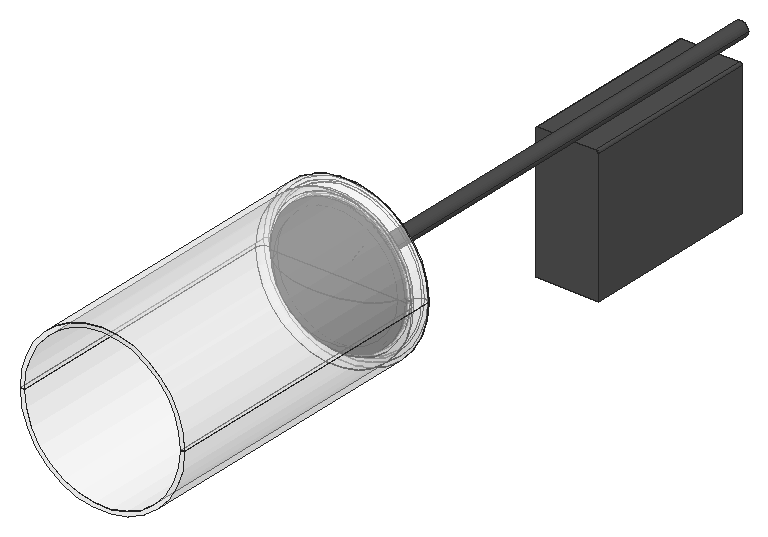
Revit family "Indoor_Wall Lamp_Santa&Cole_Cirio", category Luminarias, Revit 2018
Family settings
  Cota de conector redondo = Diámetro de uso
  Tipo de pieza = Normal
  Número OmniClass = 23.80.70.00
  Título OmniClass = Lighting
  Se basa en plano de trabajo = Sí
  Siempre vertical = No
  Corte con vacíos al cargar = No
  Origen de luz = Sí
  Compartido = No
  Punto de cálculo de habitación = No
Parameters (values of type "Cirio - CE")
  Ángulo de inclinación = 90.00°
  Voltaje (90-305 V) = 220 V
  Wattage = 3.2718 W
  URL = "https://www.santacole.com/en/wall-lamps/?cirio-aplique"
  UL = no
  Technical Information = "https://www.santacole.com/recursos/productos/downloads/pdf_espec_tecnicas/SC_Cirio_wall_data_sheet.pdf"
  built-in parameter 1150110 = 1 (stored number, unit not read)
  Modelo = if(CE, "Cirio CE", "Cirio UL")  # "Cirio CE"
  Manufacturer website = "https://www.santacole.com"
  Lampshade Type [instance] = Cirio Lampshade : Porcelain Lampshade
  built-in parameter 1114217 = 1 (stored number, unit not read)
  built-in parameter 1150109 = 1 (stored number, unit not read)
  Fabricante = "Santa & Cole"
  Energy Label = "https://www.santacole.com/recursos/productos/downloads/pdf_energy_label/Energy%20Label_Cirio.pdf"
  Default Elevation = 1219.2 mm
  Designed by = "Antoni Arola, 2021"
  Contact phone = "+34.938.619.100"
  Contact e-mail = "info@santacole.com"
  built-in parameter 1150134 = (empty or 0)
  built-in parameter 1150113 = 1 (stored number, unit not read)
  Lumens = 486 lm
  built-in parameter 1150115 = 1 (stored number, unit not read)
  built-in parameter 1150105 = 205.45 (stored number, unit not read)
  built-in parameter 1150137 = (empty or 0)
  built-in parameter 1150139 = (empty or 0)
  built-in parameter 1150112 = 1 (stored number, unit not read)
  built-in parameter 1150114 = 1 (stored number, unit not read)
  built-in parameter 1150132 = 2
  built-in parameter 1150102 = (empty or 0)
  built-in parameter 1150138 = (empty or 0)
  built-in parameter 1150107 = 2700 (stored number, unit not read)
  built-in parameter 1150106 = 2.0545 (stored number, unit not read)
  built-in parameter 1150104 = 13.8 (stored number, unit not read)
  Code = "CRWA01 / CRWA01D / CRWA02 / CRWA02D / CRWA03 / CRWA03D /"
  Carga aparente = 4.5 VA
  Dimming Lamp Color Temperature Shift = (empty or 0)
  Color Filter = 16777215
  built-in parameter 1114218 = 1 (stored number, unit not read)
  CE = yes
  Assembly instructions - UL = "https://www.santacole.com/recursos/productos/downloads/pdf_montaje/Cirio%20Aplique_im_UL.pdf"
  Assembly instructions - CE = "https://www.santacole.com/recursos/productos/downloads/pdf_montaje/Cirio%20Aplique_im_CE.pdf"
  Archivo de red fotométrica = "CIRWA02.IES"
  built-in parameter 1150133 = 10 (stored number, unit not read)
Types (2, lengths in mm): name | UL | Modelo | built-in parameter 1150105 | built-in parameter 1150106 | CE
  Cirio - CE | no | "Cirio CE" | 205.45 (stored number, unit not read) | 2.0545 (stored number, unit not read) | yes
  Cirio - UL | yes | "Cirio UL" | 38.675 (stored number, unit not read) | 0.38675 (stored number, unit not read) | no
Reference planes
  plane 1 "Eje de origen de luz (F/P)": y = 0
  plane 2: z = 0
  plane 3 "Eje de origen de luz (I/D)": x = 0
  plane 4 "Elevación de origen de luz": z = 95.925
Forms (mm)
  Blend 1, solid, not visible
    base sketch origin (36.867, 153.179, 1765.164) x (-0.551937, 0.833886, 0) y (-0.833886, -0.551937, 0)
      loop
        line (-50.966, 0.411) -> (-50.966, -0.489) -> (-50.043, -0.489) -> (-50.043, 0.411) -> (-50.966, 0.411)
    top sketch origin (36.867, 153.179, 1765.164) x (-0.551937, 0.833886, 0) y (-0.833886, -0.551937, 0)
      loop
        line (-47.638, 0.875) -> (-47.638, 1.775) -> (-48.561, 1.775) -> (-48.561, 0.875) -> (-47.638, 0.875)
    from -112.076 to -105.022
  Blend 2, solid, not visible
    base sketch origin (-50.305, 123.446, 1917.584) x (0.96363, 0.267238, 0) y (-0.267238, 0.96363, 0)
      loop
        line (-50.966, 0.411) -> (-50.966, -0.489) -> (-50.043, -0.489) -> (-50.043, 0.411) -> (-50.966, 0.411)
    top sketch origin (-50.305, 123.446, 1917.584) x (0.96363, 0.267238, 0) y (-0.267238, 0.96363, 0)
      loop
        line (-47.638, 0.875) -> (-47.638, 1.775) -> (-48.561, 1.775) -> (-48.561, 0.875) -> (-47.638, 0.875)
    from -112.484 to -105.022
  Sweep 3, solid, not visible
    path origin (294.44, -207.288, 170.345) x (0, -1, 0) y (0, 0, 1)
      loop
        line (-293, 1511.9) -> (-278.776, 1511.9) -> (-221.503, 1484.838)
    profile origin (294.44, 78.6, 1682.245) x (0, 0, 1) y (-1, 0, 0)
      loop
        circle (-1, 330.796) r 1
  Extrusion 4, solid, material "Santa&Cole - Black Matte Finish", visible <- "UL"
    sketch origin (0, 0, 0) x (0, 0, 1) y (0, 1, 0)
      loop
        line (2, -54) -> (2, 54) -> (0, 54) -> (0, -54) -> (2, -54)
    from -46 to 46
  Extrusion 5, solid, material "Santa&Cole - Black Matte Finish", visible <- "UL"
    sketch origin (0, 0, 0) x (0, 0, 1) y (0, 1, 0)
      loop
        line (2, -60) -> (4, -60) -> (4, 60) -> (2, 60) -> (2, -60)
    from -50 to 50
  Extrusion 6, solid, material "Santa&Cole - Black Matte Finish", visible <- "UL"
    sketch origin (0, 0, -4) x (1, 0, 0) y (0, 0, 1)
      loop
        arc (-19.49, 94) -> (-20.558, 93.558) -> (-21, 92.49) r 1.51
        line (-21, 92.49) -> (-21, 4) -> (21, 4) -> (21, 92.49)
        arc (21, 92.49) -> (20.558, 93.558) -> (19.49, 94) r 1.51
        line (19.49, 94) -> (4.615, 94)
        arc (4.615, 94) -> (0, 90.925) -> (-4.615, 94) r 5
        line (-4.615, 94) -> (-19.49, 94)
    from -60 to 60
  Extrusion 7, solid, material "Santa&Cole - Black Matte Finish", visible <- "CE"
    sketch origin (0, 0, 4) x (1, 0, 0) y (0, 0, 1)
      loop
        arc (-19.49, 90) -> (-20.558, 89.558) -> (-21, 88.49) r 1.51
        line (-21, 88.49) -> (-21, 0) -> (21, 0) -> (21, 88.49)
        arc (21, 88.49) -> (20.558, 89.558) -> (19.49, 90) r 1.51
        line (19.49, 90) -> (4.615, 90)
        arc (4.615, 90) -> (0, 86.925) -> (-4.615, 90) r 5
        line (-4.615, 90) -> (-19.49, 90)
    from -59.95 to 59.95
  Extrusion 8, solid, material "Santa&Cole - Black Matte Finish", visible <- "CE"
    sketch origin (0, 0, 4) x (1, 0, 0) y (0, 0, -1)
      loop
        circle (0, -91.925) r 5
    from -236.149 to 85
  Extrusion 9, solid, material "Santa&Cole - Black Matte Finish", visible <- "UL"
    sketch origin (0, 0, -4) x (1, 0, 0) y (0, 0, -1)
      loop
        circle (0, -95.925) r 5
    from -236.149 to 85
Dimensions and locks
  aligned and locked: plane 3 "Eje de origen de luz (I/D)" to imposter light
  aligned and locked: level to plane 2
Nested families
  nested 1: "LED Capsule with electric black cable" at (0, -1056.138, 91.699) x (1, 0, 0) z (0, 1, 0), visible <- "UL", type "8m"
    with Code "HEL03"
  nested 2: "Cirio Lampshade" at (0, -447.149, 91.925) x (1, 0, 0) z (0, 1, 0), type <- "Lampshade Type", visible <- "UL", type "Porcelain Lampshade"
  nested 3: "LED Capsule with electric black cable" at (0, -1056.138, 95.925) x (1, 0, 0) z (0, 1, 0), visible <- "CE", type "8m"
    with Code "HEL03"
  nested 4: "Cirio Lampshade" at (0, -447.149, 95.925) x (1, 0, 0) z (0, 1, 0), type <- "Lampshade Type", visible <- "CE", type "Porcelain Lampshade"
Connectors
  electrical at (0, 0, 0)
    settings: on Extrusion 4, index 1, voltage 220 V, apparent load 0 VA, apparent load phase1 4.5 VA, apparent load phase2 0 VA, apparent load phase3 0 VA, power factor 1, load classification "Iluminación", number of poles 1, system type 31, power factor state 1, is connector primary yes, connector utility no, sub classification motor no, connector description ""
Definition of nested family "LED Capsule with electric black cable"
  Parameters (values of type "8m")
    Manufacturer = "Santa & Cole"
    Default Elevation = 1219.2 mm
    Code [instance] = "HEL08"
  Reference planes
    plane 1 "Center (Front/Back)": y = 0
    plane 2: z = 0
    plane 3 "Center (Left/Right)": x = 0
    plane 4: z = 800
    plane 5: z = 425.743
  Forms (mm)
    Revolve 1, solid
      sketch origin (0, 0, 1230.881) x (-1, 0, 0) y (0, 0, -1)
        loop
          line (-45.024, 425.743) -> (-44.955, 423.762) -> (-33.806, 423.762) -> (-31.537, 410.891) -> (0, 410.891) -> (0, 425.743) -> (-45.024, 425.743)
        axis (0, 425.743) -> (0, 410.891)
      angle from 0 to 360
    Blend 2, void
      base sketch origin (0, 0, 805.138) x (0, -1, 0) y (1, 0, 0)
        loop
          line (-14.793, 1.5) -> (-40.722, 6.896)
          arc (-40.722, 6.896) -> (-41.303, 0.371) -> (-40.722, -6.154) r 36.889
          line (-40.722, -6.154) -> (-14.817, -1.238)
          arc (-14.817, -1.238) -> (-14.868, 0.131) -> (-14.793, 1.5) r 14.869
      top sketch origin (0, 0, 805.138) x (0, -1, 0) y (1, 0, 0)
        loop
          line (-40.751, -6.719) -> (-14.219, -1.685)
          arc (-14.219, -1.685) -> (-14.318, 0.126) -> (-14.187, 1.936) r 14.319
          line (-14.187, 1.936) -> (-40.626, 7.438)
          arc (-40.626, 7.438) -> (-41.3, 0.365) -> (-40.751, -6.719) r 41.301
      from 20 to 2
    Blend 3, void
      base sketch origin (-0.104, -0.105, 805.138) x (-0.999998, -0.002123, 0) y (0.002123, -0.999998, 0)
        loop
          line (-14.793, 1.5) -> (-40.722, 6.896)
          arc (-40.722, 6.896) -> (-41.303, 0.371) -> (-40.722, -6.154) r 36.889
          line (-40.722, -6.154) -> (-14.817, -1.238)
          arc (-14.817, -1.238) -> (-14.868, 0.131) -> (-14.793, 1.5) r 14.869
      top sketch origin (-0.104, -0.105, 805.138) x (-0.999998, -0.002123, 0) y (0.002123, -0.999998, 0)
        loop
          line (-40.751, -6.719) -> (-14.219, -1.685)
          arc (-14.219, -1.685) -> (-14.318, 0.126) -> (-14.187, 1.936) r 14.319
          line (-14.187, 1.936) -> (-40.626, 7.438)
          arc (-40.626, 7.438) -> (-41.3, 0.365) -> (-40.751, -6.719) r 41.301
      from 20 to 2
    Blend 4, void
      base sketch origin (-0.008, -0.04, 805.138) x (-0.382193, -0.924082, 0) y (0.924082, -0.382193, 0)
        loop
          line (-14.793, 1.5) -> (-40.722, 6.896)
          arc (-40.722, 6.896) -> (-41.303, 0.371) -> (-40.722, -6.154) r 36.889
          line (-40.722, -6.154) -> (-14.817, -1.238)
          arc (-14.817, -1.238) -> (-14.868, 0.131) -> (-14.793, 1.5) r 14.869
      top sketch origin (-0.008, -0.04, 805.138) x (-0.382193, -0.924082, 0) y (0.924082, -0.382193, 0)
        loop
          line (-40.751, -6.719) -> (-14.219, -1.685)
          arc (-14.219, -1.685) -> (-14.318, 0.126) -> (-14.187, 1.936) r 14.319
          line (-14.187, 1.936) -> (-40.626, 7.438)
          arc (-40.626, 7.438) -> (-41.3, 0.365) -> (-40.751, -6.719) r 41.301
      from 20 to 2
    Blend 5, void
      base sketch origin (-0.031, -0.074, 805.138) x (-0.706356, -0.707857, 0) y (0.707857, -0.706356, 0)
        loop
          line (-14.793, 1.5) -> (-40.722, 6.896)
          arc (-40.722, 6.896) -> (-41.303, 0.371) -> (-40.722, -6.154) r 36.889
          line (-40.722, -6.154) -> (-14.817, -1.238)
          arc (-14.817, -1.238) -> (-14.868, 0.131) -> (-14.793, 1.5) r 14.869
      top sketch origin (-0.031, -0.074, 805.138) x (-0.706356, -0.707857, 0) y (0.707857, -0.706356, 0)
        loop
          line (-40.751, -6.719) -> (-14.219, -1.685)
          arc (-14.219, -1.685) -> (-14.318, 0.126) -> (-14.187, 1.936) r 14.319
          line (-14.187, 1.936) -> (-40.626, 7.438)
          arc (-40.626, 7.438) -> (-41.3, 0.365) -> (-40.751, -6.719) r 41.301
      from 20 to 2
    Blend 6, void
      base sketch origin (-0.064, -0.097, 805.138) x (-0.923269, -0.384154, 0) y (0.384154, -0.923269, 0)
        loop
          line (-14.793, 1.5) -> (-40.722, 6.896)
          arc (-40.722, 6.896) -> (-41.303, 0.371) -> (-40.722, -6.154) r 36.889
          line (-40.722, -6.154) -> (-14.817, -1.238)
          arc (-14.817, -1.238) -> (-14.868, 0.131) -> (-14.793, 1.5) r 14.869
      top sketch origin (-0.064, -0.097, 805.138) x (-0.923269, -0.384154, 0) y (0.384154, -0.923269, 0)
        loop
          line (-40.751, -6.719) -> (-14.219, -1.685)
          arc (-14.219, -1.685) -> (-14.318, 0.126) -> (-14.187, 1.936) r 14.319
          line (-14.187, 1.936) -> (-40.626, 7.438)
          arc (-40.626, 7.438) -> (-41.3, 0.365) -> (-40.751, -6.719) r 41.301
      from 20 to 2
    Blend 7, void
      base sketch origin (-0.144, -0.097, 805.138) x (-0.924892, 0.38023, 0) y (-0.38023, -0.924892, 0)
        loop
          line (-14.793, 1.5) -> (-40.722, 6.896)
          arc (-40.722, 6.896) -> (-41.303, 0.371) -> (-40.722, -6.154) r 36.889
          line (-40.722, -6.154) -> (-14.817, -1.238)
          arc (-14.817, -1.238) -> (-14.868, 0.131) -> (-14.793, 1.5) r 14.869
      top sketch origin (-0.144, -0.097, 805.138) x (-0.924892, 0.38023, 0) y (-0.38023, -0.924892, 0)
        loop
          line (-40.751, -6.719) -> (-14.219, -1.685)
          arc (-14.219, -1.685) -> (-14.318, 0.126) -> (-14.187, 1.936) r 14.319
          line (-14.187, 1.936) -> (-40.626, 7.438)
          arc (-40.626, 7.438) -> (-41.3, 0.365) -> (-40.751, -6.719) r 41.301
      from 20 to 2
    Blend 8, void
      base sketch origin (-0.178, -0.074, 805.138) x (-0.709355, 0.704852, 0) y (-0.704852, -0.709355, 0)
        loop
          line (-14.793, 1.5) -> (-40.722, 6.896)
          arc (-40.722, 6.896) -> (-41.303, 0.371) -> (-40.722, -6.154) r 36.889
          line (-40.722, -6.154) -> (-14.817, -1.238)
          arc (-14.817, -1.238) -> (-14.868, 0.131) -> (-14.793, 1.5) r 14.869
      top sketch origin (-0.178, -0.074, 805.138) x (-0.709355, 0.704852, 0) y (-0.704852, -0.709355, 0)
        loop
          line (-40.751, -6.719) -> (-14.219, -1.685)
          arc (-14.219, -1.685) -> (-14.318, 0.126) -> (-14.187, 1.936) r 14.319
          line (-14.187, 1.936) -> (-40.626, 7.438)
          arc (-40.626, 7.438) -> (-41.3, 0.365) -> (-40.751, -6.719) r 41.301
      from 20 to 1.98
    Blend 9, void
      base sketch origin (-0.201, -0.04, 805.138) x (-0.386113, 0.922451, 0) y (-0.922451, -0.386113, 0)
        loop
          line (-14.793, 1.5) -> (-40.722, 6.896)
          arc (-40.722, 6.896) -> (-41.303, 0.371) -> (-40.722, -6.154) r 36.889
          line (-40.722, -6.154) -> (-14.817, -1.238)
          arc (-14.817, -1.238) -> (-14.868, 0.131) -> (-14.793, 1.5) r 14.869
      top sketch origin (-0.201, -0.04, 805.138) x (-0.386113, 0.922451, 0) y (-0.922451, -0.386113, 0)
        loop
          line (-40.751, -6.719) -> (-14.219, -1.685)
          arc (-14.219, -1.685) -> (-14.318, 0.126) -> (-14.187, 1.936) r 14.319
          line (-14.187, 1.936) -> (-40.626, 7.438)
          arc (-40.626, 7.438) -> (-41.3, 0.365) -> (-40.751, -6.719) r 41.301
      from 20 to 2
    Blend 10, void
      base sketch origin (-0.209, 0, 805.138) x (-0.004246, 0.999991, 0) y (-0.999991, -0.004246, 0)
        loop
          line (-14.793, 1.5) -> (-40.722, 6.896)
          arc (-40.722, 6.896) -> (-41.303, 0.371) -> (-40.722, -6.154) r 36.889
          line (-40.722, -6.154) -> (-14.817, -1.238)
          arc (-14.817, -1.238) -> (-14.868, 0.131) -> (-14.793, 1.5) r 14.869
      top sketch origin (-0.209, 0, 805.138) x (-0.004246, 0.999991, 0) y (-0.999991, -0.004246, 0)
        loop
          line (-40.751, -6.719) -> (-14.219, -1.685)
          arc (-14.219, -1.685) -> (-14.318, 0.126) -> (-14.187, 1.936) r 14.319
          line (-14.187, 1.936) -> (-40.626, 7.438)
          arc (-40.626, 7.438) -> (-41.3, 0.365) -> (-40.751, -6.719) r 41.301
      from 20 to 2
    Blend 11, void
      base sketch origin (-0.201, 0.04, 805.138) x (0.378266, 0.925697, 0) y (-0.925697, 0.378266, 0)
        loop
          line (-14.793, 1.5) -> (-40.722, 6.896)
          arc (-40.722, 6.896) -> (-41.303, 0.371) -> (-40.722, -6.154) r 36.889
          line (-40.722, -6.154) -> (-14.817, -1.238)
          arc (-14.817, -1.238) -> (-14.868, 0.131) -> (-14.793, 1.5) r 14.869
      top sketch origin (-0.201, 0.04, 805.138) x (0.378266, 0.925697, 0) y (-0.925697, 0.378266, 0)
        loop
          line (-40.751, -6.719) -> (-14.219, -1.685)
          arc (-14.219, -1.685) -> (-14.318, 0.126) -> (-14.187, 1.936) r 14.319
          line (-14.187, 1.936) -> (-40.626, 7.438)
          arc (-40.626, 7.438) -> (-41.3, 0.365) -> (-40.751, -6.719) r 41.301
      from 20 to 2
    Blend 12, void
      base sketch origin (-0.179, 0.074, 805.138) x (0.703344, 0.71085, 0) y (-0.71085, 0.703344, 0)
        loop
          line (-14.793, 1.5) -> (-40.722, 6.896)
          arc (-40.722, 6.896) -> (-41.303, 0.371) -> (-40.722, -6.154) r 36.889
          line (-40.722, -6.154) -> (-14.817, -1.238)
          arc (-14.817, -1.238) -> (-14.868, 0.131) -> (-14.793, 1.5) r 14.869
      top sketch origin (-0.179, 0.074, 805.138) x (0.703344, 0.71085, 0) y (-0.71085, 0.703344, 0)
        loop
          line (-40.751, -6.719) -> (-14.219, -1.685)
          arc (-14.219, -1.685) -> (-14.318, 0.126) -> (-14.187, 1.936) r 14.319
          line (-14.187, 1.936) -> (-40.626, 7.438)
          arc (-40.626, 7.438) -> (-41.3, 0.365) -> (-40.751, -6.719) r 41.301
      from 20 to 2
    Blend 13, void
      base sketch origin (-0.145, 0.096, 805.138) x (0.92163, 0.38807, 0) y (-0.38807, 0.92163, 0)
        loop
          line (-14.793, 1.5) -> (-40.722, 6.896)
          arc (-40.722, 6.896) -> (-41.303, 0.371) -> (-40.722, -6.154) r 36.889
          line (-40.722, -6.154) -> (-14.817, -1.238)
          arc (-14.817, -1.238) -> (-14.868, 0.131) -> (-14.793, 1.5) r 14.869
      top sketch origin (-0.145, 0.096, 805.138) x (0.92163, 0.38807, 0) y (-0.38807, 0.92163, 0)
        loop
          line (-40.751, -6.719) -> (-14.219, -1.685)
          arc (-14.219, -1.685) -> (-14.318, 0.126) -> (-14.187, 1.936) r 14.319
          line (-14.187, 1.936) -> (-40.626, 7.438)
          arc (-40.626, 7.438) -> (-41.3, 0.365) -> (-40.751, -6.719) r 41.301
      from 20 to 2
    Blend 14, void
      base sketch origin (-0.105, 0.105, 805.138) x (0.99998, 0.006369, 0) y (-0.006369, 0.99998, 0)
        loop
          line (-14.793, 1.5) -> (-40.722, 6.896)
          arc (-40.722, 6.896) -> (-41.303, 0.371) -> (-40.722, -6.154) r 36.889
          line (-40.722, -6.154) -> (-14.817, -1.238)
          arc (-14.817, -1.238) -> (-14.868, 0.131) -> (-14.793, 1.5) r 14.869
      top sketch origin (-0.105, 0.105, 805.138) x (0.99998, 0.006369, 0) y (-0.006369, 0.99998, 0)
        loop
          line (-40.751, -6.719) -> (-14.219, -1.685)
          arc (-14.219, -1.685) -> (-14.318, 0.126) -> (-14.187, 1.936) r 14.319
          line (-14.187, 1.936) -> (-40.626, 7.438)
          arc (-40.626, 7.438) -> (-41.3, 0.365) -> (-40.751, -6.719) r 41.301
      from 20 to 1.98
    Blend 15, void
      base sketch origin (-0.065, 0.097, 805.138) x (0.926498, -0.3763, 0) y (0.3763, 0.926498, 0)
        loop
          line (-14.793, 1.5) -> (-40.722, 6.896)
          arc (-40.722, 6.896) -> (-41.303, 0.371) -> (-40.722, -6.154) r 36.889
          line (-40.722, -6.154) -> (-14.817, -1.238)
          arc (-14.817, -1.238) -> (-14.868, 0.131) -> (-14.793, 1.5) r 14.869
      top sketch origin (-0.065, 0.097, 805.138) x (0.926498, -0.3763, 0) y (0.3763, 0.926498, 0)
        loop
          line (-40.751, -6.719) -> (-14.219, -1.685)
          arc (-14.219, -1.685) -> (-14.318, 0.126) -> (-14.187, 1.936) r 14.319
          line (-14.187, 1.936) -> (-40.626, 7.438)
          arc (-40.626, 7.438) -> (-41.3, 0.365) -> (-40.751, -6.719) r 41.301
      from 20 to 2
    Blend 16, void
      base sketch origin (-0.031, 0.074, 805.138) x (0.712341, -0.701833, 0) y (0.701833, 0.712341, 0)
        loop
          line (-14.793, 1.5) -> (-40.722, 6.896)
          arc (-40.722, 6.896) -> (-41.303, 0.371) -> (-40.722, -6.154) r 36.889
          line (-40.722, -6.154) -> (-14.817, -1.238)
          arc (-14.817, -1.238) -> (-14.868, 0.131) -> (-14.793, 1.5) r 14.869
      top sketch origin (-0.031, 0.074, 805.138) x (0.712341, -0.701833, 0) y (0.701833, 0.712341, 0)
        loop
          line (-40.751, -6.719) -> (-14.219, -1.685)
          arc (-14.219, -1.685) -> (-14.318, 0.126) -> (-14.187, 1.936) r 14.319
          line (-14.187, 1.936) -> (-40.626, 7.438)
          arc (-40.626, 7.438) -> (-41.3, 0.365) -> (-40.751, -6.719) r 41.301
      from 20 to 2
    Blend 17, void
      base sketch origin (-0.008, 0.041, 805.138) x (0.390026, -0.920804, 0) y (0.920804, 0.390026, 0)
        loop
          line (-14.793, 1.5) -> (-40.722, 6.896)
          arc (-40.722, 6.896) -> (-41.303, 0.371) -> (-40.722, -6.154) r 36.889
          line (-40.722, -6.154) -> (-14.817, -1.238)
          arc (-14.817, -1.238) -> (-14.868, 0.131) -> (-14.793, 1.5) r 14.869
      top sketch origin (-0.008, 0.041, 805.138) x (0.390026, -0.920804, 0) y (0.920804, 0.390026, 0)
        loop
          line (-40.751, -6.719) -> (-14.219, -1.685)
          arc (-14.219, -1.685) -> (-14.318, 0.126) -> (-14.187, 1.936) r 14.319
          line (-14.187, 1.936) -> (-40.626, 7.438)
          arc (-40.626, 7.438) -> (-41.3, 0.365) -> (-40.751, -6.719) r 41.301
      from 20 to 2
    Revolve 18, solid
      sketch origin (0, 0, 1230.881) x (-1, 0, 0) y (0, 0, -1)
        loop
          spline (0, 445.743) -> (-5.221, 445.571) -> (-10.353, 445.061) -> (-15.307, 444.22) -> (-20, 443.063) -> (-24.35, 441.61) -> (-28.284, 439.885) -> (-31.734, 437.918) -> (-34.641, 435.743) -> (-36.955, 433.396) -> (-38.637, 430.919) -> (-39.658, 428.353) -> (-40, 425.743)
          line (-40, 425.743) -> (0, 425.743) -> (0, 445.743)
        axis (0, 445.743) -> (0, 425.743)
      angle from 0 to 360
    Revolve 19, solid, not visible
      sketch origin (0, 0, 856.623) x (-1, 0, 0) y (0, 0, -1)
        loop
          line (-45.024, 425.743) -> (-44.955, 423.762) -> (-33.806, 423.762) -> (-31.537, 410.891) -> (0, 410.891) -> (0, 425.743) -> (-45.024, 425.743)
        axis (0, 425.743) -> (0, 410.891)
      angle from 0 to 360
    Blend 20, void, not visible
      base sketch origin (0, 0, 430.881) x (0, -1, 0) y (1, 0, 0)
        loop
          line (-14.793, 1.5) -> (-40.722, 6.896)
          arc (-40.722, 6.896) -> (-41.303, 0.371) -> (-40.722, -6.154) r 36.889
          line (-40.722, -6.154) -> (-14.817, -1.238)
          arc (-14.817, -1.238) -> (-14.868, 0.131) -> (-14.793, 1.5) r 14.869
      top sketch origin (0, 0, 430.881) x (0, -1, 0) y (1, 0, 0)
        loop
          line (-40.751, -6.719) -> (-14.219, -1.685)
          arc (-14.219, -1.685) -> (-14.318, 0.126) -> (-14.187, 1.936) r 14.319
          line (-14.187, 1.936) -> (-40.626, 7.438)
          arc (-40.626, 7.438) -> (-41.3, 0.365) -> (-40.751, -6.719) r 41.301
      from 20 to 2
    Blend 21, void, not visible
      base sketch origin (-0.104, -0.105, 430.881) x (-0.999998, -0.002123, 0) y (0.002123, -0.999998, 0)
        loop
          line (-14.793, 1.5) -> (-40.722, 6.896)
          arc (-40.722, 6.896) -> (-41.303, 0.371) -> (-40.722, -6.154) r 36.889
          line (-40.722, -6.154) -> (-14.817, -1.238)
          arc (-14.817, -1.238) -> (-14.868, 0.131) -> (-14.793, 1.5) r 14.869
      top sketch origin (-0.104, -0.105, 430.881) x (-0.999998, -0.002123, 0) y (0.002123, -0.999998, 0)
        loop
          line (-40.751, -6.719) -> (-14.219, -1.685)
          arc (-14.219, -1.685) -> (-14.318, 0.126) -> (-14.187, 1.936) r 14.319
          line (-14.187, 1.936) -> (-40.626, 7.438)
          arc (-40.626, 7.438) -> (-41.3, 0.365) -> (-40.751, -6.719) r 41.301
      from 20 to 2
    Blend 22, void, not visible
      base sketch origin (-0.008, -0.04, 430.881) x (-0.382193, -0.924082, 0) y (0.924082, -0.382193, 0)
        loop
          line (-14.793, 1.5) -> (-40.722, 6.896)
          arc (-40.722, 6.896) -> (-41.303, 0.371) -> (-40.722, -6.154) r 36.889
          line (-40.722, -6.154) -> (-14.817, -1.238)
          arc (-14.817, -1.238) -> (-14.868, 0.131) -> (-14.793, 1.5) r 14.869
      top sketch origin (-0.008, -0.04, 430.881) x (-0.382193, -0.924082, 0) y (0.924082, -0.382193, 0)
        loop
          line (-40.751, -6.719) -> (-14.219, -1.685)
          arc (-14.219, -1.685) -> (-14.318, 0.126) -> (-14.187, 1.936) r 14.319
          line (-14.187, 1.936) -> (-40.626, 7.438)
          arc (-40.626, 7.438) -> (-41.3, 0.365) -> (-40.751, -6.719) r 41.301
      from 20 to 2
    Blend 23, void, not visible
      base sketch origin (-0.031, -0.074, 430.881) x (-0.706356, -0.707857, 0) y (0.707857, -0.706356, 0)
        loop
          line (-14.793, 1.5) -> (-40.722, 6.896)
          arc (-40.722, 6.896) -> (-41.303, 0.371) -> (-40.722, -6.154) r 36.889
          line (-40.722, -6.154) -> (-14.817, -1.238)
          arc (-14.817, -1.238) -> (-14.868, 0.131) -> (-14.793, 1.5) r 14.869
      top sketch origin (-0.031, -0.074, 430.881) x (-0.706356, -0.707857, 0) y (0.707857, -0.706356, 0)
        loop
          line (-40.751, -6.719) -> (-14.219, -1.685)
          arc (-14.219, -1.685) -> (-14.318, 0.126) -> (-14.187, 1.936) r 14.319
          line (-14.187, 1.936) -> (-40.626, 7.438)
          arc (-40.626, 7.438) -> (-41.3, 0.365) -> (-40.751, -6.719) r 41.301
      from 20 to 2
    Blend 24, void, not visible
      base sketch origin (-0.064, -0.097, 430.881) x (-0.923269, -0.384154, 0) y (0.384154, -0.923269, 0)
        loop
          line (-14.793, 1.5) -> (-40.722, 6.896)
          arc (-40.722, 6.896) -> (-41.303, 0.371) -> (-40.722, -6.154) r 36.889
          line (-40.722, -6.154) -> (-14.817, -1.238)
          arc (-14.817, -1.238) -> (-14.868, 0.131) -> (-14.793, 1.5) r 14.869
      top sketch origin (-0.064, -0.097, 430.881) x (-0.923269, -0.384154, 0) y (0.384154, -0.923269, 0)
        loop
          line (-40.751, -6.719) -> (-14.219, -1.685)
          arc (-14.219, -1.685) -> (-14.318, 0.126) -> (-14.187, 1.936) r 14.319
          line (-14.187, 1.936) -> (-40.626, 7.438)
          arc (-40.626, 7.438) -> (-41.3, 0.365) -> (-40.751, -6.719) r 41.301
      from 20 to 2
    Blend 25, void, not visible
      base sketch origin (-0.144, -0.097, 430.881) x (-0.924892, 0.38023, 0) y (-0.38023, -0.924892, 0)
        loop
          line (-14.793, 1.5) -> (-40.722, 6.896)
          arc (-40.722, 6.896) -> (-41.303, 0.371) -> (-40.722, -6.154) r 36.889
          line (-40.722, -6.154) -> (-14.817, -1.238)
          arc (-14.817, -1.238) -> (-14.868, 0.131) -> (-14.793, 1.5) r 14.869
      top sketch origin (-0.144, -0.097, 430.881) x (-0.924892, 0.38023, 0) y (-0.38023, -0.924892, 0)
        loop
          line (-40.751, -6.719) -> (-14.219, -1.685)
          arc (-14.219, -1.685) -> (-14.318, 0.126) -> (-14.187, 1.936) r 14.319
          line (-14.187, 1.936) -> (-40.626, 7.438)
          arc (-40.626, 7.438) -> (-41.3, 0.365) -> (-40.751, -6.719) r 41.301
      from 20 to 2
    Blend 26, void, not visible
      base sketch origin (-0.178, -0.074, 430.881) x (-0.709355, 0.704852, 0) y (-0.704852, -0.709355, 0)
        loop
          line (-14.793, 1.5) -> (-40.722, 6.896)
          arc (-40.722, 6.896) -> (-41.303, 0.371) -> (-40.722, -6.154) r 36.889
          line (-40.722, -6.154) -> (-14.817, -1.238)
          arc (-14.817, -1.238) -> (-14.868, 0.131) -> (-14.793, 1.5) r 14.869
      top sketch origin (-0.178, -0.074, 430.881) x (-0.709355, 0.704852, 0) y (-0.704852, -0.709355, 0)
        loop
          line (-40.751, -6.719) -> (-14.219, -1.685)
          arc (-14.219, -1.685) -> (-14.318, 0.126) -> (-14.187, 1.936) r 14.319
          line (-14.187, 1.936) -> (-40.626, 7.438)
          arc (-40.626, 7.438) -> (-41.3, 0.365) -> (-40.751, -6.719) r 41.301
      from 20 to 1.98
    Blend 27, void, not visible
      base sketch origin (-0.201, -0.04, 430.881) x (-0.386113, 0.922451, 0) y (-0.922451, -0.386113, 0)
        loop
          line (-14.793, 1.5) -> (-40.722, 6.896)
          arc (-40.722, 6.896) -> (-41.303, 0.371) -> (-40.722, -6.154) r 36.889
          line (-40.722, -6.154) -> (-14.817, -1.238)
          arc (-14.817, -1.238) -> (-14.868, 0.131) -> (-14.793, 1.5) r 14.869
      top sketch origin (-0.201, -0.04, 430.881) x (-0.386113, 0.922451, 0) y (-0.922451, -0.386113, 0)
        loop
          line (-40.751, -6.719) -> (-14.219, -1.685)
          arc (-14.219, -1.685) -> (-14.318, 0.126) -> (-14.187, 1.936) r 14.319
          line (-14.187, 1.936) -> (-40.626, 7.438)
          arc (-40.626, 7.438) -> (-41.3, 0.365) -> (-40.751, -6.719) r 41.301
      from 20 to 2
    Blend 28, void, not visible
      base sketch origin (-0.209, 0, 430.881) x (-0.004246, 0.999991, 0) y (-0.999991, -0.004246, 0)
        loop
          line (-14.793, 1.5) -> (-40.722, 6.896)
          arc (-40.722, 6.896) -> (-41.303, 0.371) -> (-40.722, -6.154) r 36.889
          line (-40.722, -6.154) -> (-14.817, -1.238)
          arc (-14.817, -1.238) -> (-14.868, 0.131) -> (-14.793, 1.5) r 14.869
      top sketch origin (-0.209, 0, 430.881) x (-0.004246, 0.999991, 0) y (-0.999991, -0.004246, 0)
        loop
          line (-40.751, -6.719) -> (-14.219, -1.685)
          arc (-14.219, -1.685) -> (-14.318, 0.126) -> (-14.187, 1.936) r 14.319
          line (-14.187, 1.936) -> (-40.626, 7.438)
          arc (-40.626, 7.438) -> (-41.3, 0.365) -> (-40.751, -6.719) r 41.301
      from 20 to 2
    Blend 29, void, not visible
      base sketch origin (-0.201, 0.04, 430.881) x (0.378266, 0.925697, 0) y (-0.925697, 0.378266, 0)
        loop
          line (-14.793, 1.5) -> (-40.722, 6.896)
          arc (-40.722, 6.896) -> (-41.303, 0.371) -> (-40.722, -6.154) r 36.889
          line (-40.722, -6.154) -> (-14.817, -1.238)
          arc (-14.817, -1.238) -> (-14.868, 0.131) -> (-14.793, 1.5) r 14.869
      top sketch origin (-0.201, 0.04, 430.881) x (0.378266, 0.925697, 0) y (-0.925697, 0.378266, 0)
        loop
          line (-40.751, -6.719) -> (-14.219, -1.685)
          arc (-14.219, -1.685) -> (-14.318, 0.126) -> (-14.187, 1.936) r 14.319
          line (-14.187, 1.936) -> (-40.626, 7.438)
          arc (-40.626, 7.438) -> (-41.3, 0.365) -> (-40.751, -6.719) r 41.301
      from 20 to 2
    Blend 30, void, not visible
      base sketch origin (-0.179, 0.074, 430.881) x (0.703344, 0.71085, 0) y (-0.71085, 0.703344, 0)
        loop
          line (-14.793, 1.5) -> (-40.722, 6.896)
          arc (-40.722, 6.896) -> (-41.303, 0.371) -> (-40.722, -6.154) r 36.889
          line (-40.722, -6.154) -> (-14.817, -1.238)
          arc (-14.817, -1.238) -> (-14.868, 0.131) -> (-14.793, 1.5) r 14.869
      top sketch origin (-0.179, 0.074, 430.881) x (0.703344, 0.71085, 0) y (-0.71085, 0.703344, 0)
        loop
          line (-40.751, -6.719) -> (-14.219, -1.685)
          arc (-14.219, -1.685) -> (-14.318, 0.126) -> (-14.187, 1.936) r 14.319
          line (-14.187, 1.936) -> (-40.626, 7.438)
          arc (-40.626, 7.438) -> (-41.3, 0.365) -> (-40.751, -6.719) r 41.301
      from 20 to 2
    Blend 31, void, not visible
      base sketch origin (-0.145, 0.096, 430.881) x (0.92163, 0.38807, 0) y (-0.38807, 0.92163, 0)
        loop
          line (-14.793, 1.5) -> (-40.722, 6.896)
          arc (-40.722, 6.896) -> (-41.303, 0.371) -> (-40.722, -6.154) r 36.889
          line (-40.722, -6.154) -> (-14.817, -1.238)
          arc (-14.817, -1.238) -> (-14.868, 0.131) -> (-14.793, 1.5) r 14.869
      top sketch origin (-0.145, 0.096, 430.881) x (0.92163, 0.38807, 0) y (-0.38807, 0.92163, 0)
        loop
          line (-40.751, -6.719) -> (-14.219, -1.685)
          arc (-14.219, -1.685) -> (-14.318, 0.126) -> (-14.187, 1.936) r 14.319
          line (-14.187, 1.936) -> (-40.626, 7.438)
          arc (-40.626, 7.438) -> (-41.3, 0.365) -> (-40.751, -6.719) r 41.301
      from 20 to 2
    Blend 32, void, not visible
      base sketch origin (-0.105, 0.105, 430.881) x (0.99998, 0.006369, 0) y (-0.006369, 0.99998, 0)
        loop
          line (-14.793, 1.5) -> (-40.722, 6.896)
          arc (-40.722, 6.896) -> (-41.303, 0.371) -> (-40.722, -6.154) r 36.889
          line (-40.722, -6.154) -> (-14.817, -1.238)
          arc (-14.817, -1.238) -> (-14.868, 0.131) -> (-14.793, 1.5) r 14.869
      top sketch origin (-0.105, 0.105, 430.881) x (0.99998, 0.006369, 0) y (-0.006369, 0.99998, 0)
        loop
          line (-40.751, -6.719) -> (-14.219, -1.685)
          arc (-14.219, -1.685) -> (-14.318, 0.126) -> (-14.187, 1.936) r 14.319
          line (-14.187, 1.936) -> (-40.626, 7.438)
          arc (-40.626, 7.438) -> (-41.3, 0.365) -> (-40.751, -6.719) r 41.301
      from 20 to 1.98
    Blend 33, void, not visible
      base sketch origin (-0.065, 0.097, 430.881) x (0.926498, -0.3763, 0) y (0.3763, 0.926498, 0)
        loop
          line (-14.793, 1.5) -> (-40.722, 6.896)
          arc (-40.722, 6.896) -> (-41.303, 0.371) -> (-40.722, -6.154) r 36.889
          line (-40.722, -6.154) -> (-14.817, -1.238)
          arc (-14.817, -1.238) -> (-14.868, 0.131) -> (-14.793, 1.5) r 14.869
      top sketch origin (-0.065, 0.097, 430.881) x (0.926498, -0.3763, 0) y (0.3763, 0.926498, 0)
        loop
          line (-40.751, -6.719) -> (-14.219, -1.685)
          arc (-14.219, -1.685) -> (-14.318, 0.126) -> (-14.187, 1.936) r 14.319
          line (-14.187, 1.936) -> (-40.626, 7.438)
          arc (-40.626, 7.438) -> (-41.3, 0.365) -> (-40.751, -6.719) r 41.301
      from 20 to 2
    Blend 34, void, not visible
      base sketch origin (-0.031, 0.074, 430.881) x (0.712341, -0.701833, 0) y (0.701833, 0.712341, 0)
        loop
          line (-14.793, 1.5) -> (-40.722, 6.896)
          arc (-40.722, 6.896) -> (-41.303, 0.371) -> (-40.722, -6.154) r 36.889
          line (-40.722, -6.154) -> (-14.817, -1.238)
          arc (-14.817, -1.238) -> (-14.868, 0.131) -> (-14.793, 1.5) r 14.869
      top sketch origin (-0.031, 0.074, 430.881) x (0.712341, -0.701833, 0) y (0.701833, 0.712341, 0)
        loop
          line (-40.751, -6.719) -> (-14.219, -1.685)
          arc (-14.219, -1.685) -> (-14.318, 0.126) -> (-14.187, 1.936) r 14.319
          line (-14.187, 1.936) -> (-40.626, 7.438)
          arc (-40.626, 7.438) -> (-41.3, 0.365) -> (-40.751, -6.719) r 41.301
      from 20 to 2
    Blend 35, void, not visible
      base sketch origin (-0.008, 0.041, 430.881) x (0.390026, -0.920804, 0) y (0.920804, 0.390026, 0)
        loop
          line (-14.793, 1.5) -> (-40.722, 6.896)
          arc (-40.722, 6.896) -> (-41.303, 0.371) -> (-40.722, -6.154) r 36.889
          line (-40.722, -6.154) -> (-14.817, -1.238)
          arc (-14.817, -1.238) -> (-14.868, 0.131) -> (-14.793, 1.5) r 14.869
      top sketch origin (-0.008, 0.041, 430.881) x (0.390026, -0.920804, 0) y (0.920804, 0.390026, 0)
        loop
          line (-40.751, -6.719) -> (-14.219, -1.685)
          arc (-14.219, -1.685) -> (-14.318, 0.126) -> (-14.187, 1.936) r 14.319
          line (-14.187, 1.936) -> (-40.626, 7.438)
          arc (-40.626, 7.438) -> (-41.3, 0.365) -> (-40.751, -6.719) r 41.301
      from 20 to 2
    Revolve 36, solid, not visible
      sketch origin (0, 0, 856.623) x (-1, 0, 0) y (0, 0, -1)
        loop
          spline (0, 445.743) -> (-5.221, 445.571) -> (-10.353, 445.061) -> (-15.307, 444.22) -> (-20, 443.063) -> (-24.35, 441.61) -> (-28.284, 439.885) -> (-31.734, 437.918) -> (-34.641, 435.743) -> (-36.955, 433.396) -> (-38.637, 430.919) -> (-39.658, 428.353) -> (-40, 425.743)
          line (-40, 425.743) -> (0, 425.743) -> (0, 445.743)
        axis (0, 445.743) -> (0, 425.743)
      angle from 0 to 360
  Cuts and joins
    Blend 2, Blend 3, Blend 4, Blend 5, Blend 6, Blend 7, Blend 8, Blend 9, Blend 10, Blend 11, Blend 12, Blend 13, Blend 14, Blend 15, Blend 16, Blend 17 cuts Revolve 1
  Dimensions and locks
    aligned and locked: level to plane 2
Definition of nested family "Cirio Lampshade"
  Parameters (values of type "Porcelain Lampshade")
    White Opal Glass Lampshade [instance] = no
    Porcelain Lampshade [instance] = yes
    Default Elevation = 1219.2 mm
    Brass Lampshade [instance] = no
  Types (3, lengths in mm): name | White Opal Glass Lampshade | Porcelain Lampshade | Brass Lampshade
    White Opal Glass Lampshade | yes | no | no
    Brass Lampshade | no | no | yes
    Porcelain Lampshade | no | yes | no
  Reference planes
    plane 1 "Eje de origen de luz (F/P)": y = 0
    plane 2: z = 0
    plane 3 "Eje de origen de luz (I/D)": x = 0
    plane 4 "Elevación de origen de luz": z = 1500
  Forms (mm)
    Revolve 1, solid, visible <- "White Opal Glass Lampshade"
      sketch origin (0, 0, 205.149) x (1, 0, 0) y (0, 0, 1)
        loop
          line (-46.5, 0) -> (-50.5, 0) -> (-50.5, -205) -> (-48.5, -205) -> (-48.5, -7)
          arc (-48.5, -7) -> (-47.759, -6.034) -> (-46.634, -6.5) r 1
          arc (-46.634, -6.5) -> (-46.268, -6.866) -> (-45.768, -7) r 1
          line (-45.768, -7) -> (-43, -7) -> (-43, -4) -> (-44.5, -4) -> (-46.5, 0)
        axis (0, -205) -> (0, 0)
      angle from 0 to 360
    Revolve 2, solid, visible <- "Porcelain Lampshade"
      sketch origin (0, 0, 205.149) x (1, 0, 0) y (0, 0, 1)
        loop
          line (-43, -4) -> (-44.5, -4)
          arc (-44.5, -4) -> (-45.055, -3.854) -> (-45.548, -3.562) r 2.065
          line (-45.548, -3.562) -> (-49.452, -0.438)
          arc (-49.452, -0.438) -> (-50.04, -0.113) -> (-50.702, 0) r 2
          line (-50.702, 0) -> (-53, 0)
          arc (-53, 0) -> (-54.414, -0.586) -> (-55, -2) r 2
          line (-55, -2) -> (-55, -205) -> (-52, -205) -> (-52, -12)
          arc (-52, -12) -> (-50.536, -8.464) -> (-47, -7) r 5
          line (-47, -7) -> (-43, -7) -> (-43, -4)
        axis (0, -205) -> (0, 0)
      angle from 0 to 360
    Revolve 3, solid, visible <- "Brass Lampshade"
      sketch origin (0, 0, 205.149) x (1, 0, 0) y (0, 0, 1)
        loop
          line (-55, -205) -> (-53.507, -205.149) -> (-49.332, -163.396)
          spline (-49.332, -163.396) -> (-49.23, -162.408) -> (-49.128, -161.48) -> (-49.029, -160.587) -> (-48.934, -159.704) -> (-48.845, -158.806) -> (-48.762, -157.868) -> (-48.688, -156.866) -> (-48.625, -155.774) -> (-48.572, -154.567) -> (-48.533, -153.222) -> (-48.509, -151.712) -> (-48.5, -150.012)
          line (-48.5, -150.012) -> (-48.5, -1.5) -> (-43.75, -1.5) -> (-43.75, -13) -> (-42.25, -13) -> (-42.25, -1)
          arc (-42.25, -1) -> (-42.543, -0.293) -> (-43.25, 0) r 1
          line (-43.25, 0) -> (-49, 0)
          arc (-49, 0) -> (-49.707, -0.293) -> (-50, -1) r 1
          line (-50, -1) -> (-50, -150.012)
          spline (-50, -150.012) -> (-50.009, -151.66) -> (-50.035, -153.143) -> (-50.076, -154.48) -> (-50.13, -155.693) -> (-50.196, -156.799) -> (-50.271, -157.818) -> (-50.354, -158.771) -> (-50.443, -159.676) -> (-50.536, -160.554) -> (-50.631, -161.423) -> (-50.727, -162.304) -> (-50.822, -163.215)
          line (-50.822, -163.215) -> (-55, -205)
        axis (0, -205.149) -> (0, 0)
      angle from 0 to 360
  Dimensions and locks
    aligned and locked: level to plane 2
